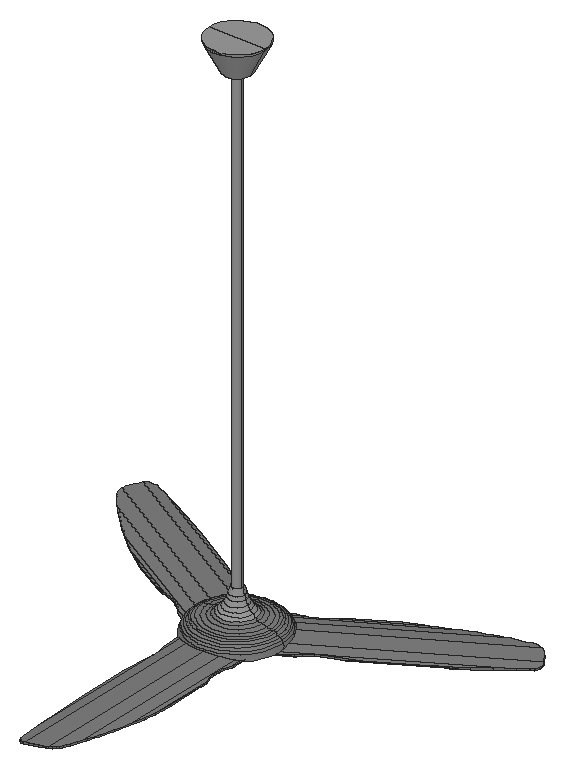
Revit family "Haiku-L Series-52-X3-52", category Generic Models, Revit 2015
Reference planes (in)
  plane 1 "Center (Front/Back)": y = 0
  plane 2: z = 0
  plane 3 "Center (Left/Right)": x = 0
  plane 4: y = -36
Forms (in)
  Revolve 1, solid, not visible
    sketch origin (0, 0, 0) x (1, 0, 0) y (0, 0, 1)
      loop
        line (-0.57203, -5.94949) -> (-0.75989, -6.52766) -> (-0.88726, -6.91966) -> (-1.09857, -7.37282) -> (-1.34682, -7.7701) -> (-1.63576, -8.05904) -> (-1.90663, -8.32991) -> (-2.18875, -8.4928) -> (-2.59757, -8.64159) -> (-3.07449, -8.7517) -> (-3.52877, -8.84) -> (-3.81921, -8.90706) -> (-4.02857, -9.00468) -> (-4.28105, -9.18147) -> (-4.45783, -9.35825) -> (-4.65491, -9.55533) -> (-4.77991, -9.77183) -> (-4.97057, -10.32555) -> (-4.54315, -10.47272) -> (-4.14061, -10.58058) -> (-3.65933, -10.70954) -> (-2.92572, -10.86547) -> (-2.89912, -11.01633) -> (-2.61183, -11.0774) -> (-2.50917, -11.13667) -> (-1.72883, -11.22681) -> (-0.96291, -11.28268) -> (0, -11.32358) -> (0, -5.94949) -> (-0.57203, -5.94949)
      axis (0, -5.94949) -> (0, -11.32358)
    angle from 0 to 360
  Revolve 2, solid
    sketch origin (0, 0, -0.00064) x (1, 0, 0) y (0, 0, 1)
      loop
        line (-0.57203, -5.94949) -> (-0.75989, -6.52766) -> (-0.88726, -6.91966) -> (-1.09857, -7.37282) -> (-1.34682, -7.7701) -> (-1.63576, -8.05904) -> (-1.90663, -8.32991) -> (-2.18875, -8.4928) -> (-2.59757, -8.64159) -> (-3.07449, -8.7517) -> (-3.52877, -8.84) -> (-3.81921, -8.90706) -> (-4.02857, -9.00468) -> (-4.28105, -9.18147) -> (-4.45783, -9.35825) -> (-4.65491, -9.55533) -> (-4.77991, -9.77183) -> (-4.97057, -10.32555) -> (-4.54315, -10.47272) -> (-4.14061, -10.58058) -> (-3.65933, -10.70954) -> (-2.92572, -10.86547) -> (-2.89912, -11.01633) -> (-2.61183, -11.0774) -> (-2.50917, -11.13667) -> (-1.72883, -11.22681) -> (-0.96291, -11.28268) -> (0, -11.32358) -> (0, -5.94949) -> (-0.57203, -5.94949)
      axis (0, -5.94949) -> (0, -11.32358)
    angle from 0 to 360
  Extrusion 3, solid, not visible
    sketch origin (0, 0, 0) x (1, 0, 0) y (0, 0, 1)
      loop
        line (-3.14313, -10.4738) -> (-2.57277, -10.29942) -> (-1.54643, -10.15518) -> (-0.66602, -10.07816) -> (0.13019, -10.05035) -> (0.90523, -10.07742) -> (1.78712, -10.13908) -> (3.26866, -10.37374) -> (3.42624, -10.37374) -> (3.49814, -10.3134) -> (3.51329, -10.21775) -> (3.29281, -10.21775) -> (2.91988, -10.17931) -> (1.81446, -10.00423) -> (0.33677, -9.9009) -> (-1.71612, -10.00849) -> (-2.89597, -10.21653) -> (-3.25765, -10.31344) -> (-3.2312, -10.41213) -> (-3.14313, -10.4738)
    from 3 to 27
  Extrusion 4, void, not visible
    sketch origin (0, 0, 0) x (1, 0, 0) y (0, 1, 0)
      loop
        line (-3.25765, -3.75424) -> (-5.34383, -3.75424) -> (-5.34383, -27.56158) -> (5.34383, -27.56158) -> (5.34383, -3.56158) -> (3.51329, -3.56158) -> (3.51329, -4.35631) -> (3.37547, -4.83694) -> (3.21389, -5.40046) -> (3.13102, -5.82677) -> (3.09053, -6.212) -> (3.06194, -6.35908) -> (3.06194, -6.66675) -> (3.06194, -6.91675) -> (3.08373, -7.1658) -> (3.15904, -7.55324) -> (3.21245, -7.82799) -> (3.3566, -8.29949) -> (3.452, -8.7903) -> (3.51329, -9.29809) -> (3.55805, -9.93819) -> (3.59933, -10.52843) -> (3.59933, -11.2215) -> (3.59933, -11.76216) -> (3.56875, -12.34556) -> (3.54016, -12.89106) -> (3.40107, -14.4809) -> (3.35163, -15.04602) -> (3.18135, -16.25759) -> (2.86027, -18.28485) -> (2.74178, -18.84226) -> (2.57614, -19.62158) -> (2.4274, -20.32133) -> (2.25919, -20.996) -> (2.1153, -21.57307) -> (1.89378, -22.34562) -> (1.60884, -23.22259) -> (1.40753, -23.84214) -> (1.25137, -24.24895) -> (1.14547, -24.52483) -> (1.01183, -24.75631) -> (0.84942, -24.98825) -> (0.60732, -25.23036) -> (0.23563, -25.46261) -> (-0.10698, -25.60103) -> (-0.5007, -25.71393) -> (-0.91265, -25.80149) -> (-1.4275, -25.87385) -> (-1.86243, -25.90426) -> (-2.04243, -25.88852) -> (-2.21139, -25.84324) -> (-2.39285, -25.71618) -> (-2.50563, -25.6034) -> (-2.64778, -25.37593) -> (-2.68285, -25.25361) -> (-2.71019, -24.86254) -> (-2.82384, -23.78125) -> (-2.96191, -21.80684) -> (-3.09101, -19.96061) -> (-3.25765, -16.83791) -> (-3.35502, -14.04942) -> (-3.35502, -11.98738) -> (-3.20873, -10.31528) -> (-3.05621, -8.57193) -> (-2.89597, -7.43175) -> (-2.89597, -6.80508) -> (-3.04367, -5.87253) -> (-3.18921, -5.1878) -> (-3.25765, -4.86584) -> (-3.25765, -3.75424)
    from -12 to -6
  Extrusion 5, solid
    sketch origin (0, 0, 0) x (-0.5, -0.866025, 0) y (0, 0, 1)
      loop
        line (-3.14313, -10.4738) -> (-2.57277, -10.29942) -> (-1.54643, -10.15518) -> (-0.66602, -10.07816) -> (0.13019, -10.05035) -> (0.90523, -10.07742) -> (1.78712, -10.13908) -> (3.26866, -10.37374) -> (3.42624, -10.37374) -> (3.49814, -10.3134) -> (3.51329, -10.21775) -> (3.29281, -10.21775) -> (2.91988, -10.17931) -> (1.81446, -10.00423) -> (0.33677, -9.9009) -> (-1.71612, -10.00849) -> (-2.89597, -10.21653) -> (-3.25765, -10.31344) -> (-3.2312, -10.41213) -> (-3.14313, -10.4738)
    from 3 to 27
  Extrusion 6, void
    sketch origin (0, 0, 0) x (-0.5, -0.866025, 0) y (0.866025, -0.5, 0)
      loop
        line (-3.25765, -3.75424) -> (-5.34383, -3.75424) -> (-5.34383, -27.56158) -> (5.34383, -27.56158) -> (5.34383, -3.56158) -> (3.51329, -3.56158) -> (3.51329, -4.35631) -> (3.37547, -4.83694) -> (3.21389, -5.40046) -> (3.13102, -5.82677) -> (3.09053, -6.212) -> (3.06194, -6.35908) -> (3.06194, -6.66675) -> (3.06194, -6.91675) -> (3.08373, -7.1658) -> (3.15904, -7.55324) -> (3.21245, -7.82799) -> (3.3566, -8.29949) -> (3.452, -8.7903) -> (3.51329, -9.29809) -> (3.55805, -9.93819) -> (3.59933, -10.52843) -> (3.59933, -11.2215) -> (3.59933, -11.76216) -> (3.56875, -12.34556) -> (3.54016, -12.89106) -> (3.40107, -14.4809) -> (3.35163, -15.04602) -> (3.18135, -16.25759) -> (2.86027, -18.28485) -> (2.74178, -18.84226) -> (2.57614, -19.62158) -> (2.4274, -20.32133) -> (2.25919, -20.996) -> (2.1153, -21.57307) -> (1.89378, -22.34562) -> (1.60884, -23.22259) -> (1.40753, -23.84214) -> (1.25137, -24.24895) -> (1.14547, -24.52483) -> (1.01183, -24.75631) -> (0.84942, -24.98825) -> (0.60732, -25.23036) -> (0.23563, -25.46261) -> (-0.10698, -25.60103) -> (-0.5007, -25.71393) -> (-0.91265, -25.80149) -> (-1.4275, -25.87385) -> (-1.86243, -25.90426) -> (-2.04243, -25.88852) -> (-2.21139, -25.84324) -> (-2.39285, -25.71618) -> (-2.50563, -25.6034) -> (-2.64778, -25.37593) -> (-2.68285, -25.25361) -> (-2.71019, -24.86254) -> (-2.82384, -23.78125) -> (-2.96191, -21.80684) -> (-3.09101, -19.96061) -> (-3.25765, -16.83791) -> (-3.35502, -14.04942) -> (-3.35502, -11.98738) -> (-3.20873, -10.31528) -> (-3.05621, -8.57193) -> (-2.89597, -7.43175) -> (-2.89597, -6.80508) -> (-3.04367, -5.87253) -> (-3.18921, -5.1878) -> (-3.25765, -4.86584) -> (-3.25765, -3.75424)
    from -12 to -6
  Extrusion 7, solid
    sketch origin (0, 0, 0) x (-0.5, 0.866025, 0) y (0, 0, 1)
      loop
        line (-3.14313, -10.4738) -> (-2.57277, -10.29942) -> (-1.54643, -10.15518) -> (-0.66602, -10.07816) -> (0.13019, -10.05035) -> (0.90523, -10.07742) -> (1.78712, -10.13908) -> (3.26866, -10.37374) -> (3.42624, -10.37374) -> (3.49814, -10.3134) -> (3.51329, -10.21775) -> (3.29281, -10.21775) -> (2.91988, -10.17931) -> (1.81446, -10.00423) -> (0.33677, -9.9009) -> (-1.71612, -10.00849) -> (-2.89597, -10.21653) -> (-3.25765, -10.31344) -> (-3.2312, -10.41213) -> (-3.14313, -10.4738)
    from 3 to 27
  Extrusion 8, void
    sketch origin (0, 0, 0) x (-0.5, 0.866025, 0) y (-0.866025, -0.5, 0)
      loop
        line (-3.25765, -3.75424) -> (-5.34383, -3.75424) -> (-5.34383, -27.56158) -> (5.34383, -27.56158) -> (5.34383, -3.56158) -> (3.51329, -3.56158) -> (3.51329, -4.35631) -> (3.37547, -4.83694) -> (3.21389, -5.40046) -> (3.13102, -5.82677) -> (3.09053, -6.212) -> (3.06194, -6.35908) -> (3.06194, -6.66675) -> (3.06194, -6.91675) -> (3.08373, -7.1658) -> (3.15904, -7.55324) -> (3.21245, -7.82799) -> (3.3566, -8.29949) -> (3.452, -8.7903) -> (3.51329, -9.29809) -> (3.55805, -9.93819) -> (3.59933, -10.52843) -> (3.59933, -11.2215) -> (3.59933, -11.76216) -> (3.56875, -12.34556) -> (3.54016, -12.89106) -> (3.40107, -14.4809) -> (3.35163, -15.04602) -> (3.18135, -16.25759) -> (2.86027, -18.28485) -> (2.74178, -18.84226) -> (2.57614, -19.62158) -> (2.4274, -20.32133) -> (2.25919, -20.996) -> (2.1153, -21.57307) -> (1.89378, -22.34562) -> (1.60884, -23.22259) -> (1.40753, -23.84214) -> (1.25137, -24.24895) -> (1.14547, -24.52483) -> (1.01183, -24.75631) -> (0.84942, -24.98825) -> (0.60732, -25.23036) -> (0.23563, -25.46261) -> (-0.10698, -25.60103) -> (-0.5007, -25.71393) -> (-0.91265, -25.80149) -> (-1.4275, -25.87385) -> (-1.86243, -25.90426) -> (-2.04243, -25.88852) -> (-2.21139, -25.84324) -> (-2.39285, -25.71618) -> (-2.50563, -25.6034) -> (-2.64778, -25.37593) -> (-2.68285, -25.25361) -> (-2.71019, -24.86254) -> (-2.82384, -23.78125) -> (-2.96191, -21.80684) -> (-3.09101, -19.96061) -> (-3.25765, -16.83791) -> (-3.35502, -14.04942) -> (-3.35502, -11.98738) -> (-3.20873, -10.31528) -> (-3.05621, -8.57193) -> (-2.89597, -7.43175) -> (-2.89597, -6.80508) -> (-3.04367, -5.87253) -> (-3.18921, -5.1878) -> (-3.25765, -4.86584) -> (-3.25765, -3.75424)
    from -12 to -6
  Revolve 9, solid
    sketch origin (0, 0, -35.97394) x (1, 0, 0) y (0, 0, 1)
      loop
        line (0, 81.99936) -> (-2.95276, 81.99936) -> (-2.91496, 81.78503) -> (-1.36379, 78.86771) -> (-1.22478, 78.78745) -> (-0.47478, 78.78745) -> (-0.47478, 30.02381) -> (0, 30.02381) -> (0, 81.99936)
      axis (0, 81.99936) -> (0, 30.02381)
    angle from 0 to 360
  Revolve 10, solid, not visible
    sketch origin (0, 0, 0) x (1, 0, 0) y (0, 0, 1)
      loop
        line (0, 81.99936) -> (-2.95276, 81.99936) -> (-2.91496, 81.78503) -> (-1.36379, 78.86771) -> (-1.22478, 78.78745) -> (-0.47478, 78.78745) -> (-0.47478, 30.02381) -> (0, 30.02381) -> (0, 81.99936)
      axis (0, 81.99936) -> (0, 30.02381)
    angle from 0 to 360
  Extrusion 11, solid
    sketch origin (0, 0, 0) x (1, 0, 0) y (0, 0, 1)
      loop
        line (-3.14313, -10.4738) -> (-2.57277, -10.29942) -> (-1.54643, -10.15518) -> (-0.66602, -10.07816) -> (0.13019, -10.05035) -> (0.90523, -10.07742) -> (1.78712, -10.13908) -> (3.26866, -10.37374) -> (3.42624, -10.37374) -> (3.49814, -10.3134) -> (3.51329, -10.21775) -> (3.29281, -10.21775) -> (2.91988, -10.17931) -> (1.81446, -10.00423) -> (0.33677, -9.9009) -> (-1.71612, -10.00849) -> (-2.89597, -10.21653) -> (-3.25765, -10.31344) -> (-3.2312, -10.41213) -> (-3.14313, -10.4738)
    from 3 to 27
  Extrusion 12, void
    sketch origin (0, 0, 0) x (1, 0, 0) y (0, 1, 0)
      loop
        line (-3.25765, -3.75424) -> (-5.34383, -3.75424) -> (-5.34383, -27.56158) -> (5.34383, -27.56158) -> (5.34383, -3.56158) -> (3.51329, -3.56158) -> (3.51329, -4.35631) -> (3.37547, -4.83694) -> (3.21389, -5.40046) -> (3.13102, -5.82677) -> (3.09053, -6.212) -> (3.06194, -6.35908) -> (3.06194, -6.66675) -> (3.06194, -6.91675) -> (3.08373, -7.1658) -> (3.15904, -7.55324) -> (3.21245, -7.82799) -> (3.3566, -8.29949) -> (3.452, -8.7903) -> (3.51329, -9.29809) -> (3.55805, -9.93819) -> (3.59933, -10.52843) -> (3.59933, -11.2215) -> (3.59933, -11.76216) -> (3.56875, -12.34556) -> (3.54016, -12.89106) -> (3.40107, -14.4809) -> (3.35163, -15.04602) -> (3.18135, -16.25759) -> (2.86027, -18.28485) -> (2.74178, -18.84226) -> (2.57614, -19.62158) -> (2.4274, -20.32133) -> (2.25919, -20.996) -> (2.1153, -21.57307) -> (1.89378, -22.34562) -> (1.60884, -23.22259) -> (1.40753, -23.84214) -> (1.25137, -24.24895) -> (1.14547, -24.52483) -> (1.01183, -24.75631) -> (0.84942, -24.98825) -> (0.60732, -25.23036) -> (0.23563, -25.46261) -> (-0.10698, -25.60103) -> (-0.5007, -25.71393) -> (-0.91265, -25.80149) -> (-1.4275, -25.87385) -> (-1.86243, -25.90426) -> (-2.04243, -25.88852) -> (-2.21139, -25.84324) -> (-2.39285, -25.71618) -> (-2.50563, -25.6034) -> (-2.64778, -25.37593) -> (-2.68285, -25.25361) -> (-2.71019, -24.86254) -> (-2.82384, -23.78125) -> (-2.96191, -21.80684) -> (-3.09101, -19.96061) -> (-3.25765, -16.83791) -> (-3.35502, -14.04942) -> (-3.35502, -11.98738) -> (-3.20873, -10.31528) -> (-3.05621, -8.57193) -> (-2.89597, -7.43175) -> (-2.89597, -6.80508) -> (-3.04367, -5.87253) -> (-3.18921, -5.1878) -> (-3.25765, -4.86584) -> (-3.25765, -3.75424)
    from -12 to -6
Cuts and joins
  Extrusion 6 cuts Extrusion 5
  Extrusion 8 cuts Extrusion 7
  Extrusion 12 cuts Extrusion 11
Lines and regions (in)
  model lines
    curve 1: line (-3.15339, 0, -10.46661) -> (-3.2312, 0, -10.41213)
    curve 2: line (-3.2312, 0, -10.41213) -> (-3.24647, 0, -10.32555)
    curve 3: line (-3.24647, 0, -10.32555) -> (-2.8816, 0, -10.214)
    curve 4: line (-2.8816, 0, -10.214) -> (-2.46526, 0, -10.14058)
    curve 5: line (-2.46526, 0, -10.14058) -> (-1.71612, 0, -10.00849)
    curve 6: line (-1.71612, 0, -10.00849) -> (-1.96454, 0, -10.03022)
    curve 7: line (-1.96454, 0, -10.03022) -> (0.34242, 0, -9.90932)
    curve 8: line (0.34242, 0, -9.90932) -> (0.44374, 0, -9.90932)
    curve 9: line (0.44374, 0, -9.90932) -> (1.15669, 0, -9.94669)
    curve 10: line (1.15669, 0, -9.94669) -> (1.91978, 0, -10.01345)
    curve 11: line (1.91978, 0, -10.01345) -> (2.92299, 0, -10.17234)
    curve 12: line (2.92299, 0, -10.17234) -> (3.29281, 0, -10.21775)
    curve 13: line (3.29281, 0, -10.21775) -> (3.51329, 0, -10.21775)
    curve 14: line (3.51329, 0, -10.21775) -> (3.49814, 0, -10.3134)
    curve 15: line (3.49814, 0, -10.3134) -> (3.42624, 0, -10.37374)
    curve 16: line (3.42624, 0, -10.37374) -> (3.26866, 0, -10.37374)
    curve 17: line (3.26866, 0, -10.37374) -> (3.03636, 0, -10.34521)
    curve 18: line (3.03636, 0, -10.34521) -> (1.81129, 0, -10.15118)
    curve 19: line (1.81129, 0, -10.15118) -> (0.91245, 0, -10.08833)
    curve 20: line (0.91245, 0, -10.08833) -> (0.11259, 0, -10.0604)
    curve 21: line (0.11259, 0, -10.0604) -> (-0.68284, 0, -10.08817)
    curve 22: line (-0.68284, 0, -10.08817) -> (-1.59592, 0, -10.16806)
    curve 23: line (-1.59592, 0, -10.16806) -> (-2.26749, 0, -10.26244)
    curve 24: line (-2.26749, 0, -10.26244) -> (-2.59726, 0, -10.30879)
    curve 25: line (-2.59726, 0, -10.30879) -> (-2.92016, 0, -10.39531)
    curve 26: line (-2.92016, 0, -10.39531) -> (-3.15339, 0, -10.46661)
Dimensions and locks (in)
  aligned and locked: plane 2 to level
